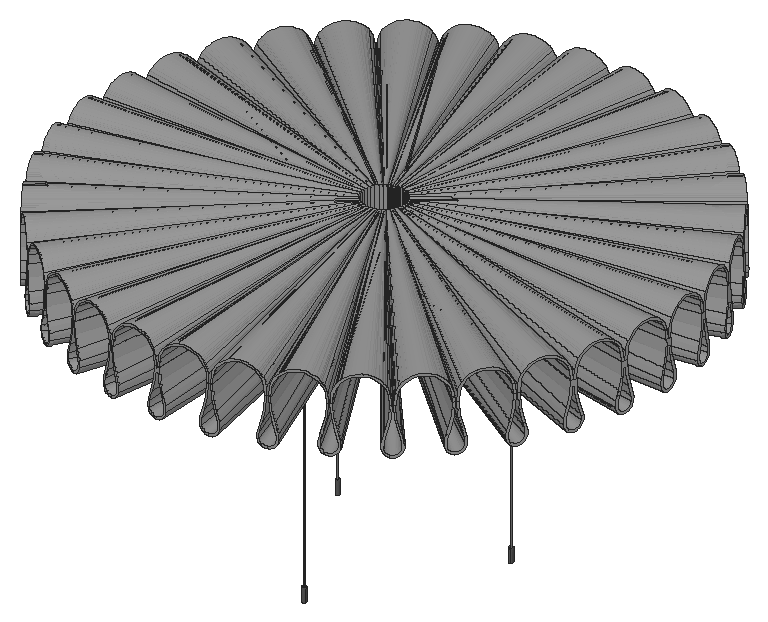
Revit family "Haworth_BuzziPleat_Ripple_AP_PRELIMINARY", category Furniture, host Face, Revit 2018
Family settings
  Host = Face
  Cut with Voids When Loaded = No
  Shared = No
  Room Calculation Point = No
Parameters (values of type "Large")
  Warranty = "https://www.haworth.com/resources/product-info/warranties"
  URL - Product = "https://www.haworth.com/ap/en/products/lighting-lamps/buzzipleat.html"
  URL = "https://www.haworth.com/ap/en.html"
  Trim Finish = Haworth _ Paint _ Collection Black
  Note = "Verify Final Dim. w/ Haworth"  # constant formula
  Model = "Buzzi Pleat"  # constant formula
  Min. Cable Length = 254 mm  # constant formula
  Medium = not(Large)  # no
  Max. Cable Length = 4999.99 mm  # constant formula
  Manufacturer = "Haworth"  # constant formula
  Large = yes
  Fabric Finish [instance] = Haworth _ Fabric _ Undecided _ Screen
  Description = "Haworth - BuzziPleat - Ripple"  # constant formula
  Default Elevation = 0 mm
  Cable Length [instance] = 609.6 mm
  Cable Finish [instance] = Haworth _ Metal _ Polished Aluminum
  Author = "Haworth (Abd Rahman)"  # constant formula
  Assembly Code = "E2020200"
  Actual Width = Actual Depth  # 1500.124 mm
  Actual Height = if(Large, 195.072 mm, 132.334 mm)  # 195.072 mm
  Actual Depth = if(Large, 1500.124 mm, 999.998 mm)  # 1500.124 mm
  Actual Cable Length [instance] = if(Cable Length < Min. Cable Length, Min. Cable Length, if(Cable Length > Max. Cable Length, Max. Cable Length, Cable Length))  # 609.6 mm
Types (3, lengths in mm): name | Medium | Large | Actual Width | Actual Height | Actual Depth
  (no name) | no | yes | 1500.124 | 195.072 | 1500.124
  Large | no | yes | 1500.124 | 195.072 | 1500.124
  Medium | yes | no | 999.998 | 132.334 | 999.998
Reference planes
  plane 1 "Center (Front/Back)": y = 0
  plane 2: z = 0
  plane 3 "Center (Left/Right)": x = 0
  plane 4 "Cable Start": z = 34.8
  plane 5: z = 645.67
  plane 6 "Screen Bottom": z = 644.4
  plane 7 "Back": y = 750.062
  plane 8 "Front": y = -750.062
  plane 9 "Left": x = 750.062
  plane 10 "Right": x = -750.062
Forms (mm)
  Extrusion 1, solid, material "Haworth _ Paint _ Collection Black" <- "Trim Finish", visible <- "Medium"
    sketch origin (0, 0, 0) x (1, 0, 0) y (0, 1, 0)
      loop
        circle (0, -186.341) r 5
    from 0 to 34.8
  Extrusion 2, solid, material "Haworth _ Metal _ Polished Aluminum" <- "Cable Finish", visible <- "Medium"
    sketch origin (0, 0, 0) x (1, 0, 0) y (0, 1, 0)
      loop
        circle (0, -186.334) r 0.896
    from 34.8 to 645.67
  Extrusion 3, solid, material "Haworth _ Paint _ Collection Black" <- "Trim Finish", visible <- "Medium"
    sketch origin (-0.12, -0.207, 0) x (-0.5, 0.866025, 0) y (-0.866025, -0.5, 0)
      loop
        circle (0, -186.341) r 5
    from 0 to 34.8
  Extrusion 4, solid, material "Haworth _ Metal _ Polished Aluminum" <- "Cable Finish", visible <- "Medium"
    sketch origin (-0.12, -0.207, 0) x (-0.5, 0.866025, 0) y (-0.866025, -0.5, 0)
      loop
        circle (0, -186.334) r 0.896
    from 34.8 to 645.67
  Extrusion 5, solid, material "Haworth _ Paint _ Collection Black" <- "Trim Finish", visible <- "Medium"
    sketch origin (0.12, -0.207, 0) x (-0.5, -0.866025, 0) y (0.866025, -0.5, 0)
      loop
        circle (0, -186.341) r 5
    from 0 to 34.8
  Extrusion 6, solid, material "Haworth _ Metal _ Polished Aluminum" <- "Cable Finish", visible <- "Medium"
    sketch origin (0.12, -0.207, 0) x (-0.5, -0.866025, 0) y (0.866025, -0.5, 0)
      loop
        circle (0, -186.334) r 0.896
    from 34.8 to 645.67
  Extrusion 7, solid, material "Haworth _ Paint _ Collection Black" <- "Trim Finish", visible <- "Large"
    sketch origin (0, 0, 0) x (1, 0, 0) y (0, 1, 0)
      loop
        circle (0, -264.309) r 5
    from 0 to 34.8
  Extrusion 8, solid, material "Haworth _ Metal _ Polished Aluminum" <- "Cable Finish", visible <- "Large"
    sketch origin (0, 0, 0) x (1, 0, 0) y (0, 1, 0)
      loop
        circle (0, -264.399) r 1.016
    from 34.8 to 645.67
  Extrusion 9, solid, material "Haworth _ Paint _ Collection Black" <- "Trim Finish", visible <- "Large"
    sketch origin (-0.12, -0.207, 0) x (-0.5, 0.866025, 0) y (-0.866025, -0.5, 0)
      loop
        circle (0, -264.309) r 5
    from 0 to 34.8
  Extrusion 10, solid, material "Haworth _ Metal _ Polished Aluminum" <- "Cable Finish", visible <- "Large"
    sketch origin (-0.12, -0.207, 0) x (-0.5, 0.866025, 0) y (-0.866025, -0.5, 0)
      loop
        circle (0, -264.399) r 1.016
    from 34.8 to 645.67
  Extrusion 11, solid, material "Haworth _ Paint _ Collection Black" <- "Trim Finish", visible <- "Large"
    sketch origin (0.239, 0, 0) x (-0.5, -0.866025, 0) y (0.866025, -0.5, 0)
      loop
        circle (0, -264.309) r 5
    from 0 to 34.8
  Extrusion 12, solid, material "Haworth _ Metal _ Polished Aluminum" <- "Cable Finish", visible <- "Large"
    sketch origin (0.239, 0, 0) x (-0.5, -0.866025, 0) y (0.866025, -0.5, 0)
      loop
        circle (0, -264.399) r 1.016
    from 34.8 to 645.67
Dimensions and locks
  locked: Extrusion 1 sketch curve to plane 1 "Center (Front/Back)" at 186.341
  locked: plane 4 "Cable Start" to plane 2 at 34.8
  locked: plane 5 to plane 6 "Screen Bottom" at 1.27
  "Actual Cable Length": plane 6 "Screen Bottom" to plane 4 "Cable Start"
  locked: Extrusion 2 sketch curve to plane 1 "Center (Front/Back)" at 186.334
  locked: Extrusion 5 sketch curve to plane 3 "Center (Left/Right)" at 161.256
  locked: plane 1 "Center (Front/Back)" to Extrusion 5 sketch curve at 92.963
  locked: Extrusion 6 sketch curve to plane 3 "Center (Left/Right)" at 161.251
  locked: plane 1 "Center (Front/Back)" to Extrusion 6 sketch curve at 92.96
  locked: plane 3 "Center (Left/Right)" to Extrusion 3 sketch curve at 161.256
  locked: plane 1 "Center (Front/Back)" to Extrusion 3 sketch curve at 92.963
  locked: plane 3 "Center (Left/Right)" to Extrusion 4 sketch curve at 161.251
  locked: plane 1 "Center (Front/Back)" to Extrusion 4 sketch curve at 92.96
  equal spacing: plane 10 "Right", plane 3 "Center (Left/Right)", plane 9 "Left"
  "Actual Width": plane 10 "Right" to plane 9 "Left"
  equal spacing: plane 7 "Back", plane 1 "Center (Front/Back)", plane 8 "Front"
  "Actual Depth": plane 7 "Back" to plane 8 "Front"
  locked: Extrusion 7 sketch curve to plane 1 "Center (Front/Back)" at 264.309
  locked: Extrusion 8 sketch curve to plane 1 "Center (Front/Back)" at 264.399
  locked: plane 3 "Center (Left/Right)" to Extrusion 9 sketch curve at 228.779
  locked: plane 1 "Center (Front/Back)" to Extrusion 9 sketch curve at 131.947
  locked: Extrusion 11 sketch curve to plane 3 "Center (Left/Right)" at 228.659
  locked: plane 1 "Center (Front/Back)" to Extrusion 11 sketch curve at 132.154
  aligned and locked: plane 2 to host face
  aligned and locked: level to host face
  aligned and locked: plane 1 "Center (Front/Back)" to nested 1
  aligned and locked: plane 3 "Center (Left/Right)" to nested 1
  aligned and locked: Extrusion 1 to plane 2
  aligned and locked: plane 4 "Cable Start" to Extrusion 1
  aligned and locked: nested 1 to plane 6 "Screen Bottom"
  aligned and locked: Extrusion 2 to plane 4 "Cable Start"
  aligned and locked: plane 5 to Extrusion 2
  aligned and locked: Extrusion 5 to plane 2
  aligned and locked: plane 4 "Cable Start" to Extrusion 5
  aligned and locked: Extrusion 6 to plane 4 "Cable Start"
  aligned and locked: Extrusion 1 to plane 4 "Cable Start"  (x2)
  aligned and locked: plane 4 "Cable Start" to Extrusion 2
  aligned and locked: plane 2 to Extrusion 1
  aligned and locked: plane 4 "Cable Start" to Extrusion 3
  aligned and locked: Extrusion 4 to plane 4 "Cable Start"
  aligned and locked: Extrusion 3 to plane 2
  aligned and locked: plane 5 to Extrusion 4
  aligned and locked: plane 5 to Extrusion 6
  aligned and locked: plane 3 "Center (Left/Right)" to Extrusion 7 sketch curve
  aligned and locked: Extrusion 7 to plane 2
  aligned and locked: plane 4 "Cable Start" to Extrusion 7
  aligned and locked: plane 3 "Center (Left/Right)" to Extrusion 8 sketch curve
  aligned and locked: Extrusion 8 to plane 4 "Cable Start"
  aligned and locked: plane 5 to Extrusion 8
  aligned and locked: plane 4 "Cable Start" to Extrusion 9
  aligned and locked: Extrusion 10 to plane 4 "Cable Start"
  aligned and locked: Extrusion 9 to plane 2
  aligned and locked: plane 5 to Extrusion 10
  aligned and locked: plane 5 to Extrusion 12
  aligned and locked: plane 4 "Cable Start" to Extrusion 11
  aligned and locked: Extrusion 12 to plane 4 "Cable Start"
  aligned and locked: Extrusion 11 to plane 2
  aligned and locked: nested 2 to plane 6 "Screen Bottom"
  aligned and locked: plane 3 "Center (Left/Right)" to nested 2
  aligned and locked: plane 1 "Center (Front/Back)" to nested 2
Automatic sketch dimensions
  host sketch curve to host sketch curve = 1500.124 mm  (x2)
  Extrusion 1 sketch curve to plane 3 "Center (Left/Right)" = 0 mm
  Extrusion 2 sketch curve to plane 3 "Center (Left/Right)" = 0 mm
  Extrusion 10 sketch curve to plane 1 "Center (Front/Back)" = 131.992 mm
  plane 3 "Center (Left/Right)" to Extrusion 10 sketch curve = 228.856 mm
  Extrusion 12 sketch curve to plane 1 "Center (Front/Back)" = 132.199 mm
  Extrusion 12 sketch curve to plane 3 "Center (Left/Right)" = 228.737 mm
  radius of Extrusion 1 sketch curve = 5 mm
  radius of Extrusion 2 sketch curve = 0.896 mm
  radius of Extrusion 3 sketch curve = 5 mm
  radius of Extrusion 4 sketch curve = 0.896 mm
  radius of Extrusion 5 sketch curve = 5 mm
  radius of Extrusion 6 sketch curve = 0.896 mm
  radius of Extrusion 7 sketch curve = 5 mm
  radius of Extrusion 8 sketch curve = 1.016 mm
  radius of Extrusion 9 sketch curve = 5 mm
  radius of Extrusion 10 sketch curve = 1.016 mm
  radius of Extrusion 11 sketch curve = 5 mm
  radius of Extrusion 12 sketch curve = 1.016 mm
Nested families
  nested 1: "Haworth_BuzziPleat_Ripple_Medium_PART" at (0, 0, 644.4), visible <- "Medium", type "Screen"
  nested 2: "Haworth_BuzziPleat_Ripple_Large_PART" at (0, 0, 644.4), visible <- "Large", type "Screen"
Definition of nested family "Haworth_BuzziPleat_Ripple_Medium_PART"
  Parameters (values of type "Screen")
    Warranty = "https://www.haworth.com/resources/product-info/warranties"
    URL - Product = "https://www.haworth.com/products/architectural-interiors/acoustic-solutions/buzzipleat"
    URL = "https://www.haworth.com/our-brands/haworth-collection"
    Trim Finish = none
    Revision = "1"  # constant formula
    Note = "Verify Final Dim. w/ Haworth"  # constant formula
    Model = "HCBZ-PESS"  # constant formula
    Manufacturer = "Haworth"  # constant formula
    Fabric Finish = none
    Description = "Haworth - BuzziPleat - Medium Ripple Part"  # constant formula
    Author = "Haworth (Alias)"  # constant formula
    Assembly Code = "E2020200"
    Actual Width = 999.998 mm  # constant formula
    Actual Height = 132.334 mm  # constant formula
    Actual Depth = 999.998 mm  # constant formula
  Reference planes
    plane 1 "Center (Front/Back)": y = 0
    plane 2: z = 0
    plane 3 "Center (Left/Right)": x = 0
    plane 4: z = 132.334
    plane 5 "Side Blend": through (-53.081, -795.428, 1200) normal (-0.0872, 0.9962, 0)
    plane 6 "Back": y = 499.999
    plane 7 "Front": y = -499.999
    plane 8 "Right": x = 499.999
    plane 9 "Left": x = -499.999
  Forms (mm)
    Revolve 1, solid, material <- "Trim Finish"
      sketch origin (0, 0, 0) x (0, 1, 0) y (0, 0, 1)
        loop
          circle (-85, 3.811) r 5
        loop
          circle (-184.997, 3.735) r 5
        axis (0, 3.735) -> (0, 4.735)
      angle from 0 to 360
  Lines and regions (mm)
    Masking region 1
      outline origin (0, 0, 0) x (1, 0, 0) y (0, 1, 0)
        loop
          circle (0, 0) r 499.999
    symbolic lines, detail levels medium+fine
      curve 1: circle (0, 0, 0) r 52.451 normal (0, 0, 1)
  Dimensions and locks
    equal spacing: plane 7 "Front", plane 1 "Center (Front/Back)", plane 6 "Back"
    "Actual Depth": plane 6 "Back" to plane 7 "Front"
    equal spacing: plane 9 "Left", plane 3 "Center (Left/Right)", plane 8 "Right"
    "Actual Width": plane 9 "Left" to plane 8 "Right"
    "Actual Height": plane 4 to plane 2
    aligned and locked: level to plane 2
    aligned and locked: Revolve 1 sketch curve to plane 1 "Center (Front/Back)"
    aligned and locked: plane 1 "Center (Front/Back)" to Masking region 1 sketch curve
    aligned and locked: plane 3 "Center (Left/Right)" to Masking region 1 sketch curve
    aligned and locked: plane 1 "Center (Front/Back)" to nested 2
    aligned and locked: plane 1 "Center (Front/Back)" to nested 1
    aligned and locked: plane 3 "Center (Left/Right)" to nested 1
    aligned and locked: plane 3 "Center (Left/Right)" to nested 2
  Automatic sketch dimensions
    plane 1 "Center (Front/Back)" to curve 1 = 0 mm
    curve 1 to plane 3 "Center (Left/Right)" = 0 mm
    level to Revolve 1 sketch curve = 3.735 mm
    level to Revolve 1 sketch curve = 3.811 mm
    Revolve 1 sketch curve to level = 101.6 mm
    plane 4 to Revolve 1 sketch curve = 27.178 mm
    plane 1 "Center (Front/Back)" to Revolve 1 sketch curve = 85 mm
    Revolve 1 sketch curve to Revolve 1 sketch curve = 99.997 mm
    radius of Masking region 1 sketch curve = 499.999 mm
    radius of curve 1 = 52.451 mm
    radius of Revolve 1 sketch curve = 5 mm  (x2)
  Nested families
    nested 1: "Haworth_BuzziPleat_Ripple_MediumTop_PART" at (0, 0, 0), type "Screen"
    nested 2: "Haworth_BuzziPleat_Ripple_MediumBottom_PART" at (0, 0, 0), type "Screen"
    nested 3: "Haworth_BuzziPleat_Ripple_MediumTop_PART" at (-0.027, -0.002, 0) x (0.9848, 0.1736, 0) z (0, 0, 1), type "Screen"
    nested 4: "Haworth_BuzziPleat_Ripple_MediumTop_PART" at (-0.053, -0.009, 0) x (0.9397, 0.342, 0) z (0, 0, 1), type "Screen"
    nested 5: "Haworth_BuzziPleat_Ripple_MediumTop_PART" at (-0.078, -0.021, 0) x (0.866, 0.5, 0) z (0, 0, 1), type "Screen"
    nested 6: "Haworth_BuzziPleat_Ripple_MediumTop_PART" at (-0.101, -0.037, 0) x (0.766, 0.6428, 0) z (0, 0, 1), type "Screen"
    nested 7: "Haworth_BuzziPleat_Ripple_MediumTop_PART" at (-0.12, -0.056, 0) x (0.6428, 0.766, 0) z (0, 0, 1), type "Screen"
    nested 8: "Haworth_BuzziPleat_Ripple_MediumTop_PART" at (-0.135, -0.078, 0) x (0.5, 0.866, 0) z (0, 0, 1), type "Screen"
    nested 9: "Haworth_BuzziPleat_Ripple_MediumTop_PART" at (-0.147, -0.103, 0) x (0.342, 0.9397, 0) z (0, 0, 1), type "Screen"
    nested 10: "Haworth_BuzziPleat_Ripple_MediumTop_PART" at (-0.154, -0.129, 0) x (0.1736, 0.9848, 0) z (0, 0, 1), type "Screen"
    nested 11: "Haworth_BuzziPleat_Ripple_MediumTop_PART" at (-0.156, -0.156, 0) x (0, 1, 0) z (0, 0, 1), type "Screen"
    nested 12: "Haworth_BuzziPleat_Ripple_MediumTop_PART" at (-0.154, -0.184, 0) x (-0.1736, 0.9848, 0) z (0, 0, 1), type "Screen"
    nested 13: "Haworth_BuzziPleat_Ripple_MediumTop_PART" at (-0.147, -0.21, 0) x (-0.342, 0.9397, 0) z (0, 0, 1), type "Screen"
    nested 14: "Haworth_BuzziPleat_Ripple_MediumTop_PART" at (-0.135, -0.235, 0) x (-0.5, 0.866, 0) z (0, 0, 1), type "Screen"
    nested 15: "Haworth_BuzziPleat_Ripple_MediumTop_PART" at (-0.12, -0.257, 0) x (-0.6428, 0.766, 0) z (0, 0, 1), type "Screen"
    nested 16: "Haworth_BuzziPleat_Ripple_MediumTop_PART" at (-0.101, -0.276, 0) x (-0.766, 0.6428, 0) z (0, 0, 1), type "Screen"
    nested 17: "Haworth_BuzziPleat_Ripple_MediumTop_PART" at (-0.078, -0.292, 0) x (-0.866, 0.5, 0) z (0, 0, 1), type "Screen"
    nested 18: "Haworth_BuzziPleat_Ripple_MediumTop_PART" at (-0.053, -0.303, 0) x (-0.9397, 0.342, 0) z (0, 0, 1), type "Screen"
    nested 19: "Haworth_BuzziPleat_Ripple_MediumTop_PART" at (-0.027, -0.31, 0) x (-0.9848, 0.1736, 0) z (0, 0, 1), type "Screen"
    nested 20: "Haworth_BuzziPleat_Ripple_MediumTop_PART" at (0, -0.313, 0) x (-1, 0, 0) z (0, 0, 1), type "Screen"
    nested 21: "Haworth_BuzziPleat_Ripple_MediumTop_PART" at (0.027, -0.31, 0) x (-0.9848, -0.1736, 0) z (0, 0, 1), type "Screen"
    nested 22: "Haworth_BuzziPleat_Ripple_MediumTop_PART" at (0.053, -0.303, 0) x (-0.9397, -0.342, 0) z (0, 0, 1), type "Screen"
    nested 23: "Haworth_BuzziPleat_Ripple_MediumTop_PART" at (0.078, -0.292, 0) x (-0.866, -0.5, 0) z (0, 0, 1), type "Screen"
    nested 24: "Haworth_BuzziPleat_Ripple_MediumTop_PART" at (0.101, -0.276, 0) x (-0.766, -0.6428, 0) z (0, 0, 1), type "Screen"
    nested 25: "Haworth_BuzziPleat_Ripple_MediumTop_PART" at (0.12, -0.257, 0) x (-0.6428, -0.766, 0) z (0, 0, 1), type "Screen"
    nested 26: "Haworth_BuzziPleat_Ripple_MediumTop_PART" at (0.135, -0.235, 0) x (-0.5, -0.866, 0) z (0, 0, 1), type "Screen"
    nested 27: "Haworth_BuzziPleat_Ripple_MediumTop_PART" at (0.147, -0.21, 0) x (-0.342, -0.9397, 0) z (0, 0, 1), type "Screen"
    nested 28: "Haworth_BuzziPleat_Ripple_MediumTop_PART" at (0.154, -0.184, 0) x (-0.1736, -0.9848, 0) z (0, 0, 1), type "Screen"
    nested 29: "Haworth_BuzziPleat_Ripple_MediumTop_PART" at (0.156, -0.156, 0) x (0, -1, 0) z (0, 0, 1), type "Screen"
    nested 30: "Haworth_BuzziPleat_Ripple_MediumTop_PART" at (0.154, -0.129, 0) x (0.1736, -0.9848, 0) z (0, 0, 1), type "Screen"
    nested 31: "Haworth_BuzziPleat_Ripple_MediumTop_PART" at (0.147, -0.103, 0) x (0.342, -0.9397, 0) z (0, 0, 1), type "Screen"
    nested 32: "Haworth_BuzziPleat_Ripple_MediumTop_PART" at (0.135, -0.078, 0) x (0.5, -0.866, 0) z (0, 0, 1), type "Screen"
    nested 33: "Haworth_BuzziPleat_Ripple_MediumTop_PART" at (0.12, -0.056, 0) x (0.6428, -0.766, 0) z (0, 0, 1), type "Screen"
    nested 34: "Haworth_BuzziPleat_Ripple_MediumTop_PART" at (0.101, -0.037, 0) x (0.766, -0.6428, 0) z (0, 0, 1), type "Screen"
    nested 35: "Haworth_BuzziPleat_Ripple_MediumTop_PART" at (0.078, -0.021, 0) x (0.866, -0.5, 0) z (0, 0, 1), type "Screen"
    nested 36: "Haworth_BuzziPleat_Ripple_MediumTop_PART" at (0.053, -0.009, 0) x (0.9397, -0.342, 0) z (0, 0, 1), type "Screen"
    nested 37: "Haworth_BuzziPleat_Ripple_MediumTop_PART" at (0.027, -0.002, 0) x (0.9848, -0.1736, 0) z (0, 0, 1), type "Screen"
    nested 38: "Haworth_BuzziPleat_Ripple_MediumBottom_PART" at (0, 0, 0) x (0.9848, 0.1736, 0) z (0, 0, 1), type "Screen"
    nested 39: "Haworth_BuzziPleat_Ripple_MediumBottom_PART" at (0, 0, 0) x (0.9397, 0.342, 0) z (0, 0, 1), type "Screen"
    nested 40: "Haworth_BuzziPleat_Ripple_MediumBottom_PART" at (0, 0, 0) x (0.866, 0.5, 0) z (0, 0, 1), type "Screen"
    nested 41: "Haworth_BuzziPleat_Ripple_MediumBottom_PART" at (0, 0, 0) x (0.766, 0.6428, 0) z (0, 0, 1), type "Screen"
    nested 42: "Haworth_BuzziPleat_Ripple_MediumBottom_PART" at (0, 0, 0) x (0.6428, 0.766, 0) z (0, 0, 1), type "Screen"
    nested 43: "Haworth_BuzziPleat_Ripple_MediumBottom_PART" at (0, 0, 0) x (0.5, 0.866, 0) z (0, 0, 1), type "Screen"
    nested 44: "Haworth_BuzziPleat_Ripple_MediumBottom_PART" at (0, 0, 0) x (0.342, 0.9397, 0) z (0, 0, 1), type "Screen"
    nested 45: "Haworth_BuzziPleat_Ripple_MediumBottom_PART" at (0, 0, 0) x (0.1736, 0.9848, 0) z (0, 0, 1), type "Screen"
    nested 46: "Haworth_BuzziPleat_Ripple_MediumBottom_PART" at (0, 0, 0) x (0, 1, 0) z (0, 0, 1), type "Screen"
    nested 47: "Haworth_BuzziPleat_Ripple_MediumBottom_PART" at (0, 0, 0) x (-0.1736, 0.9848, 0) z (0, 0, 1), type "Screen"
    nested 48: "Haworth_BuzziPleat_Ripple_MediumBottom_PART" at (0, 0, 0) x (-0.342, 0.9397, 0) z (0, 0, 1), type "Screen"
    nested 49: "Haworth_BuzziPleat_Ripple_MediumBottom_PART" at (0, 0, 0) x (-0.5, 0.866, 0) z (0, 0, 1), type "Screen"
    nested 50: "Haworth_BuzziPleat_Ripple_MediumBottom_PART" at (0, 0, 0) x (-0.6428, 0.766, 0) z (0, 0, 1), type "Screen"
    nested 51: "Haworth_BuzziPleat_Ripple_MediumBottom_PART" at (0, 0, 0) x (-0.766, 0.6428, 0) z (0, 0, 1), type "Screen"
    nested 52: "Haworth_BuzziPleat_Ripple_MediumBottom_PART" at (0, 0, 0) x (-0.866, 0.5, 0) z (0, 0, 1), type "Screen"
    nested 53: "Haworth_BuzziPleat_Ripple_MediumBottom_PART" at (0, 0, 0) x (-0.9397, 0.342, 0) z (0, 0, 1), type "Screen"
    nested 54: "Haworth_BuzziPleat_Ripple_MediumBottom_PART" at (0, 0, 0) x (-0.9848, 0.1736, 0) z (0, 0, 1), type "Screen"
    nested 55: "Haworth_BuzziPleat_Ripple_MediumBottom_PART" at (0, 0, 0) x (-1, 0, 0) z (0, 0, 1), type "Screen"
    nested 56: "Haworth_BuzziPleat_Ripple_MediumBottom_PART" at (0, 0, 0) x (-0.9848, -0.1736, 0) z (0, 0, 1), type "Screen"
    nested 57: "Haworth_BuzziPleat_Ripple_MediumBottom_PART" at (0, 0, 0) x (-0.9397, -0.342, 0) z (0, 0, 1), type "Screen"
    nested 58: "Haworth_BuzziPleat_Ripple_MediumBottom_PART" at (0, 0, 0) x (-0.866, -0.5, 0) z (0, 0, 1), type "Screen"
    nested 59: "Haworth_BuzziPleat_Ripple_MediumBottom_PART" at (0, 0, 0) x (-0.766, -0.6428, 0) z (0, 0, 1), type "Screen"
    nested 60: "Haworth_BuzziPleat_Ripple_MediumBottom_PART" at (0, 0, 0) x (-0.6428, -0.766, 0) z (0, 0, 1), type "Screen"
    nested 61: "Haworth_BuzziPleat_Ripple_MediumBottom_PART" at (0, 0, 0) x (-0.5, -0.866, 0) z (0, 0, 1), type "Screen"
    nested 62: "Haworth_BuzziPleat_Ripple_MediumBottom_PART" at (0, 0, 0) x (-0.342, -0.9397, 0) z (0, 0, 1), type "Screen"
    nested 63: "Haworth_BuzziPleat_Ripple_MediumBottom_PART" at (0, 0, 0) x (-0.1736, -0.9848, 0) z (0, 0, 1), type "Screen"
    nested 64: "Haworth_BuzziPleat_Ripple_MediumBottom_PART" at (0, 0, 0) x (0, -1, 0) z (0, 0, 1), type "Screen"
    nested 65: "Haworth_BuzziPleat_Ripple_MediumBottom_PART" at (0, 0, 0) x (0.1736, -0.9848, 0) z (0, 0, 1), type "Screen"
    nested 66: "Haworth_BuzziPleat_Ripple_MediumBottom_PART" at (0, 0, 0) x (0.342, -0.9397, 0) z (0, 0, 1), type "Screen"
    nested 67: "Haworth_BuzziPleat_Ripple_MediumBottom_PART" at (0, 0, 0) x (0.5, -0.866, 0) z (0, 0, 1), type "Screen"
    nested 68: "Haworth_BuzziPleat_Ripple_MediumBottom_PART" at (0, 0, 0) x (0.6428, -0.766, 0) z (0, 0, 1), type "Screen"
    nested 69: "Haworth_BuzziPleat_Ripple_MediumBottom_PART" at (0, 0, 0) x (0.766, -0.6428, 0) z (0, 0, 1), type "Screen"
    nested 70: "Haworth_BuzziPleat_Ripple_MediumBottom_PART" at (0, 0, 0) x (0.866, -0.5, 0) z (0, 0, 1), type "Screen"
    nested 71: "Haworth_BuzziPleat_Ripple_MediumBottom_PART" at (0, 0, 0) x (0.9397, -0.342, 0) z (0, 0, 1), type "Screen"
    nested 72: "Haworth_BuzziPleat_Ripple_MediumBottom_PART" at (0, 0, 0) x (0.9848, -0.1736, 0) z (0, 0, 1), type "Screen"
  Definition of nested family "Haworth_BuzziPleat_Ripple_MediumTop_PART"
    Parameters (values of type "Screen")
      Warranty = "https://www.haworth.com/resources/product-info/warranties"
      URL - Product = "https://www.haworth.com/products/architectural-interiors/acoustic-solutions/buzzipleat"
      URL = "https://www.haworth.com/our-brands/haworth-collection"
      Revision = "1"  # constant formula
      Note = "Verify Final Dim. w/ Haworth"  # constant formula
      Model = "HCBZ-PESS"  # constant formula
      Manufacturer = "Haworth"  # constant formula
      Fabric Finish = none
      Description = "Haworth - BuzziPleat - Medium Ripple Part1"  # constant formula
      Author = "Haworth (Alias)"  # constant formula
      Assembly Code = "E2020200"
      Actual Width = 999.998 mm  # constant formula
      Actual Height = 132.334 mm  # constant formula
      Actual Depth = 999.998 mm  # constant formula
    Reference planes
      plane 1 "Center (Front/Back)": y = 0
      plane 2: z = 0
      plane 3 "Center (Left/Right)": x = 0
      plane 4 "Side Blend": through (-53.081, -795.428, 1200) normal (-0.0872, 0.9962, 0)
      plane 5 "Back": y = 499.999
      plane 6 "Front": y = -499.999
      plane 7 "Right": x = 499.999
      plane 8 "Left": x = -499.999
      plane 9: z = 132.334
    Forms (mm)
      Blend 1, solid, material <- "Fabric Finish"
        base sketch origin (68.659, -784.777, 0) x (-0.996195, -0.087156, 0) y (0, 0, 1)
          loop
            arc (37.91, 91.11) -> (38.152, 83.759) -> (38.038, 76.405) r 152.4
            line (38.038, 76.405) -> (43.122, 76.405)
            arc (43.122, 76.405) -> (43.231, 83.904) -> (42.982, 91.399) r 157.48
            arc (42.982, 91.399) -> (-0.336, 132.318) -> (-43.654, 91.399) r 43.388
            arc (-43.654, 91.399) -> (-43.902, 83.904) -> (-43.794, 76.405) r 157.48
            line (-43.794, 76.405) -> (-38.71, 76.405)
            arc (-38.71, 76.405) -> (-38.823, 83.759) -> (-38.582, 91.11) r 152.4
            arc (-38.582, 91.11) -> (-0.336, 127.238) -> (37.91, 91.11) r 38.308
        top sketch origin (68.659, -784.777, 0) x (-0.996195, -0.087156, 0) y (0, 0, 1)
          loop
            line (4.335, 76.416) -> (4.335, 126.994)
            arc (4.335, 126.994) -> (-0.999, 132.328) -> (-6.333, 126.994) r 5.334
            line (-6.333, 126.994) -> (-6.333, 76.416) -> (-1.253, 76.416) -> (-1.253, 126.994)
            arc (-1.253, 126.994) -> (-0.999, 127.248) -> (-0.745, 126.994) r 0.254
            line (-0.745, 126.994) -> (-0.745, 76.416) -> (4.335, 76.416)
        from 289.334 to 735.632
    Dimensions and locks
      equal spacing: plane 6 "Front", plane 1 "Center (Front/Back)", plane 5 "Back"
      "Actual Depth": plane 5 "Back" to plane 6 "Front"
      equal spacing: plane 8 "Left", plane 3 "Center (Left/Right)", plane 7 "Right"
      "Actual Width": plane 8 "Left" to plane 7 "Right"
      "Actual Height": plane 9 to plane 2
      aligned and locked: level to plane 2
    Automatic sketch dimensions
      Blend 1 sketch curve to Blend 1 sketch curve = 5.211 mm
      Blend 1 sketch curve to Blend 1 sketch curve = 0 mm  (x16)
      Blend 1 sketch curve to Blend 1 sketch curve = 75.533 mm
      Blend 1 sketch curve to Blend 1 sketch curve = 5.084 mm  (x2)
      Blend 1 sketch curve to Blend 1 sketch curve = 5.072 mm  (x2)
      Blend 1 sketch curve to Blend 1 sketch curve = 0.289 mm
      level to Blend 1 sketch curve = 82.438 mm
      Blend 1 sketch curve to Blend 1 sketch curve = 70.449 mm
      Blend 1 sketch curve to Blend 1 sketch curve = 38.374 mm  (x2)
      Blend 1 sketch curve to Blend 1 sketch curve = 50.578 mm
      Blend 1 sketch curve to Blend 1 sketch curve = 0.254 mm
      Blend 1 sketch curve to Blend 1 sketch curve = 5.08 mm
      level to Blend 1 sketch curve = 126.994 mm
  Definition of nested family "Haworth_BuzziPleat_Ripple_MediumBottom_PART"
    Parameters (values of type "Screen")
      Warranty = "https://www.haworth.com/resources/product-info/warranties"
      URL - Product = "https://www.haworth.com/products/architectural-interiors/acoustic-solutions/buzzipleat"
      URL = "https://www.haworth.com/our-brands/haworth-collection"
      Revision = "1"  # constant formula
      Note = "Verify Final Dim. w/ Haworth"  # constant formula
      Model = "HCBZ-PESS"  # constant formula
      Manufacturer = "Haworth"  # constant formula
      Fabric Finish = none
      Description = "Haworth - BuzziPleat - Medium Ripple Part1"  # constant formula
      Author = "Haworth (Alias)"  # constant formula
      Assembly Code = "E2020200"
      Actual Width = 999.998 mm  # constant formula
      Actual Height = 132.334 mm  # constant formula
      Actual Depth = 999.998 mm  # constant formula
    Reference planes
      plane 1 "Center (Front/Back)": y = 0
      plane 2: z = 0
      plane 3 "Center (Left/Right)": x = 0
      plane 4 "Side Blend": through (-53.081, -795.428, 1200) normal (-0.0872, 0.9962, 0)
      plane 5 "Back": y = 499.999
      plane 6 "Front": y = -499.999
      plane 7 "Right": x = 499.999
      plane 8 "Left": x = -499.999
      plane 9: z = 132.334
    Forms (mm)
      Blend 1, solid, material <- "Fabric Finish"
        base sketch origin (0, 0, 0) x (1, 0, 0) y (0, 0, 1)
          loop
            line (1.547, 61.588) -> (9.241, 21.049)
            arc (9.241, 21.049) -> (9.663, 17.391) -> (9.552, 13.709) r 25.4
            arc (9.552, 13.709) -> (0, 5.091) -> (-9.552, 13.709) r 9.603
            arc (-9.552, 13.709) -> (-9.663, 17.391) -> (-9.241, 21.049) r 25.4
            line (-9.241, 21.049) -> (-1.547, 61.588)
            arc (-1.547, 61.588) -> (-0.584, 68.971) -> (-0.481, 76.416) r 64.336
            line (-0.481, 76.416) -> (-5.566, 76.416)
            arc (-5.566, 76.416) -> (-5.643, 69.447) -> (-6.538, 62.535) r 59.256
            line (-6.538, 62.535) -> (-14.232, 21.997)
            arc (-14.232, 21.997) -> (-14.739, 17.606) -> (-14.606, 13.188) r 30.48
            arc (-14.606, 13.188) -> (0, 0.011) -> (14.606, 13.188) r 14.683
            arc (14.606, 13.188) -> (14.739, 17.606) -> (14.232, 21.997) r 30.48
            line (14.232, 21.997) -> (6.538, 62.535)
            arc (6.538, 62.535) -> (5.643, 69.447) -> (5.566, 76.416) r 59.256
            line (5.566, 76.416) -> (0.481, 76.416)
            arc (0.481, 76.416) -> (0.584, 68.971) -> (1.547, 61.588) r 64.336
        top sketch origin (0, 0, 0) x (1, 0, 0) y (0, 0, 1)
          loop
            line (-0.254, 5.388) -> (-0.254, 32.683) -> (-0.254, 59.981) -> (-0.254, 76.416) -> (-5.334, 76.416) -> (-5.334, 59.981) -> (-5.334, 32.683) -> (-5.334, 5.385)
            arc (-5.334, 5.385) -> (0, 0.051) -> (5.334, 5.385) r 5.334
            line (5.334, 5.385) -> (5.334, 32.683) -> (5.334, 59.981) -> (5.334, 76.416) -> (0.254, 76.416) -> (0.254, 59.981) -> (0.254, 32.683) -> (0.254, 5.388)
            arc (0.254, 5.388) -> (0, 5.134) -> (-0.254, 5.388) r 0.254
        from 499.999 to 52.418
    Dimensions and locks
      equal spacing: plane 6 "Front", plane 1 "Center (Front/Back)", plane 5 "Back"
      "Actual Depth": plane 5 "Back" to plane 6 "Front"
      equal spacing: plane 8 "Left", plane 3 "Center (Left/Right)", plane 7 "Right"
      "Actual Width": plane 8 "Left" to plane 7 "Right"
      "Actual Height": plane 9 to plane 2
      aligned and locked: level to plane 2
    Automatic sketch dimensions
      Blend 1 sketch curve to Blend 1 sketch curve = 0 mm  (x20)
      Blend 1 sketch curve to plane 3 "Center (Left/Right)" = 0 mm  (x3)
      Blend 1 sketch curve to plane 3 "Center (Left/Right)" = 1.547 mm
      Blend 1 sketch curve to Blend 1 sketch curve = 4.991 mm  (x4)
      Blend 1 sketch curve to plane 3 "Center (Left/Right)" = 9.241 mm
      Blend 1 sketch curve to Blend 1 sketch curve = 1.482 mm  (x2)
      Blend 1 sketch curve to Blend 1 sketch curve = 58.217 mm  (x2)
      plane 3 "Center (Left/Right)" to Blend 1 sketch curve = 0.481 mm
      plane 3 "Center (Left/Right)" to Blend 1 sketch curve = 1.547 mm
      Blend 1 sketch curve to Blend 1 sketch curve = 5.085 mm
      plane 3 "Center (Left/Right)" to Blend 1 sketch curve = 9.241 mm
      level to Blend 1 sketch curve = 14.694 mm
      Blend 1 sketch curve to Blend 1 sketch curve = 1.62 mm  (x2)
      Blend 1 sketch curve to Blend 1 sketch curve = 4.736 mm  (x2)
      Blend 1 sketch curve to Blend 1 sketch curve = 0.947 mm  (x4)
      Blend 1 sketch curve to Blend 1 sketch curve = 40.539 mm
      Blend 1 sketch curve to Blend 1 sketch curve = 11.049 mm
      Blend 1 sketch curve to plane 3 "Center (Left/Right)" = 0.481 mm
      Blend 1 sketch curve to plane 3 "Center (Left/Right)" = 0.254 mm
      level to Blend 1 sketch curve = 5.385 mm
      Blend 1 sketch curve to Blend 1 sketch curve = 0.003 mm
      Blend 1 sketch curve to Blend 1 sketch curve = 27.298 mm  (x2)
      Blend 1 sketch curve to Blend 1 sketch curve = 5.08 mm
      Blend 1 sketch curve to Blend 1 sketch curve = 16.435 mm
Definition of nested family "Haworth_BuzziPleat_Ripple_Large_PART"
  Parameters (values of type "Screen")
    Warranty = "https://www.haworth.com/resources/product-info/warranties"
    URL - Product = "https://www.haworth.com/products/architectural-interiors/acoustic-solutions/buzzipleat"
    URL = "https://www.haworth.com/our-brands/haworth-collection"
    Trim Finish = none
    Revision = "1"  # constant formula
    Note = "Verify Final Dim. w/ Haworth"  # constant formula
    Model = "HCBZ-PESS"  # constant formula
    Manufacturer = "Haworth"  # constant formula
    Fabric Finish = none
    Description = "Haworth - BuzziPleat - Large Ripple Part"  # constant formula
    Author = "Haworth (Alias)"  # constant formula
    Assembly Code = "E2020200"
    Actual Width = 1500.124 mm  # constant formula
    Actual Height = 195.072 mm  # constant formula
    Actual Depth = 1500.124 mm  # constant formula
  Reference planes
    plane 1 "Center (Front/Back)": y = 0
    plane 2: z = 0
    plane 3 "Center (Left/Right)": x = 0
    plane 4 "Front": y = -750.062
    plane 5 "Back": y = 750.062
    plane 6 "Left": x = 750.062
    plane 7 "Right": x = -750.062
    plane 8: z = 195.072
  Forms (mm)
    Revolve 1, solid, material <- "Trim Finish"
      sketch origin (0, 0, 0) x (0, 1, 0) y (0, 0, 1)
        loop
          circle (-260.974, 5) r 5
        loop
          circle (-83.709, 5) r 5
        axis (0, 5) -> (0, 6)
      angle from 0 to 360
    Extrusion 2, solid, material <- "Trim Finish"
      sketch origin (0, 0, 0) x (1, 0, 0) y (0, 0, 1)
        loop
          circle (0, 5) r 4.699
      from 84.708 to 261.259
    Extrusion 3, solid, material <- "Trim Finish"
      sketch origin (0, 0, 0) x (-0.5, 0.866025, 0) y (0, 0, 1)
        loop
          circle (0, 5) r 4.699
      from 84.708 to 261.259
    Extrusion 4, solid, material <- "Trim Finish"
      sketch origin (0, 0, 0) x (-0.5, -0.866025, 0) y (0, 0, 1)
        loop
          circle (0, 5) r 4.699
      from 84.708 to 261.259
  Lines and regions (mm)
    Masking region 1
      outline origin (0, 0, 0) x (1, 0, 0) y (0, 1, 0)
        loop
          circle (0, 0) r 749.3
    symbolic lines, detail levels medium+fine
      curve 1: circle (0, 0, 0) r 52.451 normal (0, 0, 1)
  Dimensions and locks
    equal spacing: plane 5 "Back", plane 1 "Center (Front/Back)", plane 4 "Front"
    "Actual Depth": plane 5 "Back" to plane 4 "Front"
    equal spacing: plane 7 "Right", plane 3 "Center (Left/Right)", plane 6 "Left"
    "Actual Width": plane 7 "Right" to plane 6 "Left"
    "Actual Height": plane 8 to plane 2
    aligned and locked: level to plane 2
    aligned and locked: Revolve 1 sketch curve to plane 1 "Center (Front/Back)"
    aligned and locked: plane 1 "Center (Front/Back)" to Masking region 1 sketch curve
    aligned and locked: plane 3 "Center (Left/Right)" to Masking region 1 sketch curve
    aligned and locked: plane 3 "Center (Left/Right)" to nested 1
    aligned and locked: plane 1 "Center (Front/Back)" to nested 1
    aligned and locked: plane 1 "Center (Front/Back)" to nested 2
    aligned and locked: plane 3 "Center (Left/Right)" to nested 2
  Automatic sketch dimensions
    level to Revolve 1 sketch curve = 5 mm  (x2)
    plane 1 "Center (Front/Back)" to Revolve 1 sketch curve = 83.709 mm
    Revolve 1 sketch curve to Revolve 1 sketch curve = 177.265 mm
    Revolve 1 sketch curve to level = 101.6 mm
    plane 8 to Revolve 1 sketch curve = 27.178 mm
    plane 1 "Center (Front/Back)" to curve 1 = 0 mm
    curve 1 to plane 3 "Center (Left/Right)" = 0 mm
    radius of Revolve 1 sketch curve = 5 mm  (x2)
    radius of Extrusion 2 sketch curve = 4.699 mm
    radius of Extrusion 3 sketch curve = 4.699 mm
    radius of Extrusion 4 sketch curve = 4.699 mm
    radius of Masking region 1 sketch curve = 749.3 mm
    radius of curve 1 = 52.451 mm
  Nested families
    nested 1: "Haworth_BuzziPleat_Ripple_LargeTop_PART" at (0, 0, 0), type "Screen"
    nested 2: "Haworth_BuzziPleat_Ripple_LargeBottom_PART" at (0, 0, 0), type "Screen"
    nested 3: "Haworth_BuzziPleat_Ripple_LargeBottom_PART" at (0, 0, 0) x (0.9848, 0.1736, 0) z (0, 0, 1), type "Screen"
    nested 4: "Haworth_BuzziPleat_Ripple_LargeBottom_PART" at (0, 0, 0) x (0.9397, 0.342, 0) z (0, 0, 1), type "Screen"
    nested 5: "Haworth_BuzziPleat_Ripple_LargeBottom_PART" at (0, 0, 0) x (0.866, 0.5, 0) z (0, 0, 1), type "Screen"
    nested 6: "Haworth_BuzziPleat_Ripple_LargeBottom_PART" at (0, 0, 0) x (0.766, 0.6428, 0) z (0, 0, 1), type "Screen"
    nested 7: "Haworth_BuzziPleat_Ripple_LargeBottom_PART" at (0, 0, 0) x (0.6428, 0.766, 0) z (0, 0, 1), type "Screen"
    nested 8: "Haworth_BuzziPleat_Ripple_LargeBottom_PART" at (0, 0, 0) x (0.5, 0.866, 0) z (0, 0, 1), type "Screen"
    nested 9: "Haworth_BuzziPleat_Ripple_LargeBottom_PART" at (0, 0, 0) x (0.342, 0.9397, 0) z (0, 0, 1), type "Screen"
    nested 10: "Haworth_BuzziPleat_Ripple_LargeBottom_PART" at (0, 0, 0) x (0.1736, 0.9848, 0) z (0, 0, 1), type "Screen"
    nested 11: "Haworth_BuzziPleat_Ripple_LargeBottom_PART" at (0, 0, 0) x (0, 1, 0) z (0, 0, 1), type "Screen"
    nested 12: "Haworth_BuzziPleat_Ripple_LargeBottom_PART" at (0, 0, 0) x (-0.1736, 0.9848, 0) z (0, 0, 1), type "Screen"
    nested 13: "Haworth_BuzziPleat_Ripple_LargeBottom_PART" at (0, 0, 0) x (-0.342, 0.9397, 0) z (0, 0, 1), type "Screen"
    nested 14: "Haworth_BuzziPleat_Ripple_LargeBottom_PART" at (0, 0, 0) x (-0.5, 0.866, 0) z (0, 0, 1), type "Screen"
    nested 15: "Haworth_BuzziPleat_Ripple_LargeBottom_PART" at (0, 0, 0) x (-0.6428, 0.766, 0) z (0, 0, 1), type "Screen"
    nested 16: "Haworth_BuzziPleat_Ripple_LargeBottom_PART" at (0, 0, 0) x (-0.766, 0.6428, 0) z (0, 0, 1), type "Screen"
    nested 17: "Haworth_BuzziPleat_Ripple_LargeBottom_PART" at (0, 0, 0) x (-0.866, 0.5, 0) z (0, 0, 1), type "Screen"
    nested 18: "Haworth_BuzziPleat_Ripple_LargeBottom_PART" at (0, 0, 0) x (-0.9397, 0.342, 0) z (0, 0, 1), type "Screen"
    nested 19: "Haworth_BuzziPleat_Ripple_LargeBottom_PART" at (0, 0, 0) x (-0.9848, 0.1736, 0) z (0, 0, 1), type "Screen"
    nested 20: "Haworth_BuzziPleat_Ripple_LargeBottom_PART" at (0, 0, 0) x (-1, 0, 0) z (0, 0, 1), type "Screen"
    nested 21: "Haworth_BuzziPleat_Ripple_LargeBottom_PART" at (0, 0, 0) x (-0.9848, -0.1736, 0) z (0, 0, 1), type "Screen"
    nested 22: "Haworth_BuzziPleat_Ripple_LargeBottom_PART" at (0, 0, 0) x (-0.9397, -0.342, 0) z (0, 0, 1), type "Screen"
    nested 23: "Haworth_BuzziPleat_Ripple_LargeBottom_PART" at (0, 0, 0) x (-0.866, -0.5, 0) z (0, 0, 1), type "Screen"
    nested 24: "Haworth_BuzziPleat_Ripple_LargeBottom_PART" at (0, 0, 0) x (-0.766, -0.6428, 0) z (0, 0, 1), type "Screen"
    nested 25: "Haworth_BuzziPleat_Ripple_LargeBottom_PART" at (0, 0, 0) x (-0.6428, -0.766, 0) z (0, 0, 1), type "Screen"
    nested 26: "Haworth_BuzziPleat_Ripple_LargeBottom_PART" at (0, 0, 0) x (-0.5, -0.866, 0) z (0, 0, 1), type "Screen"
    nested 27: "Haworth_BuzziPleat_Ripple_LargeBottom_PART" at (0, 0, 0) x (-0.342, -0.9397, 0) z (0, 0, 1), type "Screen"
    nested 28: "Haworth_BuzziPleat_Ripple_LargeBottom_PART" at (0, 0, 0) x (-0.1736, -0.9848, 0) z (0, 0, 1), type "Screen"
    nested 29: "Haworth_BuzziPleat_Ripple_LargeBottom_PART" at (0, 0, 0) x (0, -1, 0) z (0, 0, 1), type "Screen"
    nested 30: "Haworth_BuzziPleat_Ripple_LargeBottom_PART" at (0, 0, 0) x (0.1736, -0.9848, 0) z (0, 0, 1), type "Screen"
    nested 31: "Haworth_BuzziPleat_Ripple_LargeBottom_PART" at (0, 0, 0) x (0.342, -0.9397, 0) z (0, 0, 1), type "Screen"
    nested 32: "Haworth_BuzziPleat_Ripple_LargeBottom_PART" at (0, 0, 0) x (0.5, -0.866, 0) z (0, 0, 1), type "Screen"
    nested 33: "Haworth_BuzziPleat_Ripple_LargeBottom_PART" at (0, 0, 0) x (0.6428, -0.766, 0) z (0, 0, 1), type "Screen"
    nested 34: "Haworth_BuzziPleat_Ripple_LargeBottom_PART" at (0, 0, 0) x (0.766, -0.6428, 0) z (0, 0, 1), type "Screen"
    nested 35: "Haworth_BuzziPleat_Ripple_LargeBottom_PART" at (0, 0, 0) x (0.866, -0.5, 0) z (0, 0, 1), type "Screen"
    nested 36: "Haworth_BuzziPleat_Ripple_LargeBottom_PART" at (0, 0, 0) x (0.9397, -0.342, 0) z (0, 0, 1), type "Screen"
    nested 37: "Haworth_BuzziPleat_Ripple_LargeBottom_PART" at (0, 0, 0) x (0.9848, -0.1736, 0) z (0, 0, 1), type "Screen"
    nested 38: "Haworth_BuzziPleat_Ripple_LargeTop_PART" at (0, 0, 0) x (0.9848, 0.1736, 0) z (0, 0, 1), type "Screen"
    nested 39: "Haworth_BuzziPleat_Ripple_LargeTop_PART" at (0, 0, 0) x (0.9397, 0.342, 0) z (0, 0, 1), type "Screen"
    nested 40: "Haworth_BuzziPleat_Ripple_LargeTop_PART" at (0, 0, 0) x (0.866, 0.5, 0) z (0, 0, 1), type "Screen"
    nested 41: "Haworth_BuzziPleat_Ripple_LargeTop_PART" at (0, 0, 0) x (0.766, 0.6428, 0) z (0, 0, 1), type "Screen"
    nested 42: "Haworth_BuzziPleat_Ripple_LargeTop_PART" at (0, 0, 0) x (0.6428, 0.766, 0) z (0, 0, 1), type "Screen"
    nested 43: "Haworth_BuzziPleat_Ripple_LargeTop_PART" at (0, 0, 0) x (0.5, 0.866, 0) z (0, 0, 1), type "Screen"
    nested 44: "Haworth_BuzziPleat_Ripple_LargeTop_PART" at (0, 0, 0) x (0.342, 0.9397, 0) z (0, 0, 1), type "Screen"
    nested 45: "Haworth_BuzziPleat_Ripple_LargeTop_PART" at (0, 0, 0) x (0.1736, 0.9848, 0) z (0, 0, 1), type "Screen"
    nested 46: "Haworth_BuzziPleat_Ripple_LargeTop_PART" at (0, 0, 0) x (0, 1, 0) z (0, 0, 1), type "Screen"
    nested 47: "Haworth_BuzziPleat_Ripple_LargeTop_PART" at (0, 0, 0) x (-0.1736, 0.9848, 0) z (0, 0, 1), type "Screen"
    nested 48: "Haworth_BuzziPleat_Ripple_LargeTop_PART" at (0, 0, 0) x (-0.342, 0.9397, 0) z (0, 0, 1), type "Screen"
    nested 49: "Haworth_BuzziPleat_Ripple_LargeTop_PART" at (0, 0, 0) x (-0.5, 0.866, 0) z (0, 0, 1), type "Screen"
    nested 50: "Haworth_BuzziPleat_Ripple_LargeTop_PART" at (0, 0, 0) x (-0.6428, 0.766, 0) z (0, 0, 1), type "Screen"
    nested 51: "Haworth_BuzziPleat_Ripple_LargeTop_PART" at (0, 0, 0) x (-0.766, 0.6428, 0) z (0, 0, 1), type "Screen"
    nested 52: "Haworth_BuzziPleat_Ripple_LargeTop_PART" at (0, 0, 0) x (-0.866, 0.5, 0) z (0, 0, 1), type "Screen"
    nested 53: "Haworth_BuzziPleat_Ripple_LargeTop_PART" at (0, 0, 0) x (-0.9397, 0.342, 0) z (0, 0, 1), type "Screen"
    nested 54: "Haworth_BuzziPleat_Ripple_LargeTop_PART" at (0, 0, 0) x (-0.9848, 0.1736, 0) z (0, 0, 1), type "Screen"
    nested 55: "Haworth_BuzziPleat_Ripple_LargeTop_PART" at (0, 0, 0) x (-1, 0, 0) z (0, 0, 1), type "Screen"
    nested 56: "Haworth_BuzziPleat_Ripple_LargeTop_PART" at (0, 0, 0) x (-0.9848, -0.1736, 0) z (0, 0, 1), type "Screen"
    nested 57: "Haworth_BuzziPleat_Ripple_LargeTop_PART" at (0, 0, 0) x (-0.9397, -0.342, 0) z (0, 0, 1), type "Screen"
    nested 58: "Haworth_BuzziPleat_Ripple_LargeTop_PART" at (0, 0, 0) x (-0.866, -0.5, 0) z (0, 0, 1), type "Screen"
    nested 59: "Haworth_BuzziPleat_Ripple_LargeTop_PART" at (0, 0, 0) x (-0.766, -0.6428, 0) z (0, 0, 1), type "Screen"
    nested 60: "Haworth_BuzziPleat_Ripple_LargeTop_PART" at (0, 0, 0) x (-0.6428, -0.766, 0) z (0, 0, 1), type "Screen"
    nested 61: "Haworth_BuzziPleat_Ripple_LargeTop_PART" at (0, 0, 0) x (-0.5, -0.866, 0) z (0, 0, 1), type "Screen"
    nested 62: "Haworth_BuzziPleat_Ripple_LargeTop_PART" at (0, 0, 0) x (-0.342, -0.9397, 0) z (0, 0, 1), type "Screen"
    nested 63: "Haworth_BuzziPleat_Ripple_LargeTop_PART" at (0, 0, 0) x (-0.1736, -0.9848, 0) z (0, 0, 1), type "Screen"
    nested 64: "Haworth_BuzziPleat_Ripple_LargeTop_PART" at (0, 0, 0) x (0, -1, 0) z (0, 0, 1), type "Screen"
    nested 65: "Haworth_BuzziPleat_Ripple_LargeTop_PART" at (0, 0, 0) x (0.1736, -0.9848, 0) z (0, 0, 1), type "Screen"
    nested 66: "Haworth_BuzziPleat_Ripple_LargeTop_PART" at (0, 0, 0) x (0.342, -0.9397, 0) z (0, 0, 1), type "Screen"
    nested 67: "Haworth_BuzziPleat_Ripple_LargeTop_PART" at (0, 0, 0) x (0.5, -0.866, 0) z (0, 0, 1), type "Screen"
    nested 68: "Haworth_BuzziPleat_Ripple_LargeTop_PART" at (0, 0, 0) x (0.6428, -0.766, 0) z (0, 0, 1), type "Screen"
    nested 69: "Haworth_BuzziPleat_Ripple_LargeTop_PART" at (0, 0, 0) x (0.766, -0.6428, 0) z (0, 0, 1), type "Screen"
    nested 70: "Haworth_BuzziPleat_Ripple_LargeTop_PART" at (0, 0, 0) x (0.866, -0.5, 0) z (0, 0, 1), type "Screen"
    nested 71: "Haworth_BuzziPleat_Ripple_LargeTop_PART" at (0, 0, 0) x (0.9397, -0.342, 0) z (0, 0, 1), type "Screen"
    nested 72: "Haworth_BuzziPleat_Ripple_LargeTop_PART" at (0, 0, 0) x (0.9848, -0.1736, 0) z (0, 0, 1), type "Screen"
  Definition of nested family "Haworth_BuzziPleat_Ripple_LargeTop_PART"
    Parameters (values of type "Screen")
      Warranty = "https://www.haworth.com/resources/product-info/warranties"
      URL - Product = "https://www.haworth.com/products/architectural-interiors/acoustic-solutions/buzzipleat"
      URL = "https://www.haworth.com/our-brands/haworth-collection"
      Revision = "1"  # constant formula
      Note = "Verify Final Dim. w/ Haworth"  # constant formula
      Model = "HCBZ-PESS"  # constant formula
      Manufacturer = "Haworth"  # constant formula
      Fabric Finish = none
      Description = "Haworth - BuzziPleat - Large Ripple Part1"  # constant formula
      Author = "Haworth (Alias)"  # constant formula
      Assembly Code = "E2020200"
      Actual Width = 1500.124 mm  # constant formula
      Actual Height = 195.072 mm  # constant formula
      Actual Depth = 1500.124 mm  # constant formula
    Reference planes
      plane 1 "Center (Front/Back)": y = 0
      plane 2: z = 0
      plane 3 "Center (Left/Right)": x = 0
      plane 4 "Front": y = -750.062
      plane 5 "Back": y = 750.062
      plane 6 "Left": x = 750.062
      plane 7 "Right": x = -750.062
      plane 8: z = 195.072
      plane 9 "Side Blend": through (-53.081, -795.428, 1200) normal (-0.0872, 0.9962, 0)
    Forms (mm)
      Blend 1, solid, material <- "Fabric Finish"
        base sketch origin (68.659, -784.777, 0) x (-0.996195, -0.087156, 0) y (0, 0, 1)
          loop
            arc (63.759, 124.79) -> (63.131, 135.984) -> (61.795, 147.115) r 176.803
            arc (61.795, 147.115) -> (58.72, 158.384) -> (53.152, 168.653) r 50.8
            arc (53.152, 168.653) -> (-1.723, 196.164) -> (-54.893, 165.485) r 64.729
            arc (-54.893, 165.485) -> (-59.404, 156.182) -> (-61.938, 146.159) r 50.8
            arc (-61.938, 146.159) -> (-63.172, 135.502) -> (-63.759, 124.79) r 176.803
            line (-63.759, 124.79) -> (-58.677, 124.79)
            arc (-58.677, 124.79) -> (-58.105, 135.132) -> (-56.911, 145.421) r 171.723
            arc (-56.911, 145.421) -> (-54.631, 154.442) -> (-50.571, 162.815) r 45.72
            arc (-50.571, 162.815) -> (-1.574, 191.086) -> (48.994, 165.734) r 59.649
            arc (48.994, 165.734) -> (54.005, 156.492) -> (56.773, 146.35) r 45.72
            arc (56.773, 146.35) -> (58.065, 135.6) -> (58.677, 124.79) r 171.723
            line (58.677, 124.79) -> (63.759, 124.79)
        top sketch origin (68.659, -784.777, 0) x (-0.996195, -0.087156, 0) y (0, 0, 1)
          loop
            line (-1.469, 190.803) -> (-1.469, 184.453) -> (-1.469, 124.785) -> (3.611, 124.796) -> (3.611, 184.453) -> (3.611, 190.803)
            arc (3.611, 190.803) -> (-1.723, 196.137) -> (-7.057, 190.803) r 5.334
            line (-7.057, 190.803) -> (-7.057, 184.453) -> (-7.057, 124.774) -> (-1.977, 124.784) -> (-1.977, 184.453) -> (-1.977, 190.803)
            arc (-1.977, 190.803) -> (-1.723, 191.057) -> (-1.469, 190.803) r 0.254
        from 41.007 to 735.632
      Extrusion 2, void
        sketch origin (0, 0, 0) x (1, 0, 0) y (0, 1, 0)
          loop
            circle (0, 0) r 52.959
        from 0 to 304.8
    Cuts and joins
      Extrusion 2 cuts Blend 1
    Dimensions and locks
      equal spacing: plane 5 "Back", plane 1 "Center (Front/Back)", plane 4 "Front"
      "Actual Depth": plane 5 "Back" to plane 4 "Front"
      equal spacing: plane 7 "Right", plane 3 "Center (Left/Right)", plane 6 "Left"
      "Actual Width": plane 7 "Right" to plane 6 "Left"
      "Actual Height": plane 8 to plane 2
      aligned and locked: level to plane 2
      aligned and locked: plane 1 "Center (Front/Back)" to Extrusion 2 sketch curve
      aligned and locked: plane 3 "Center (Left/Right)" to Extrusion 2 sketch curve
    Automatic sketch dimensions
      Blend 1 sketch curve to Blend 1 sketch curve = 0 mm  (x34)
      Blend 1 sketch curve to Blend 1 sketch curve = 5.082 mm  (x2)
      Blend 1 sketch curve to Blend 1 sketch curve = 47.001 mm
      Blend 1 sketch curve to Blend 1 sketch curve = 11.85 mm
      Blend 1 sketch curve to Blend 1 sketch curve = 11.4 mm
      Blend 1 sketch curve to Blend 1 sketch curve = 47.103 mm
      Blend 1 sketch curve to Blend 1 sketch curve = 4.299 mm  (x2)
      Blend 1 sketch curve to Blend 1 sketch curve = 6.673 mm
      Blend 1 sketch curve to Blend 1 sketch curve = 7.321 mm
      Blend 1 sketch curve to Blend 1 sketch curve = 8.003 mm
      Blend 1 sketch curve to Blend 1 sketch curve = 4.158 mm
      Blend 1 sketch curve to Blend 1 sketch curve = 5.022 mm
      Blend 1 sketch curve to Blend 1 sketch curve = 5.08 mm
      Blend 1 sketch curve to Blend 1 sketch curve = 0.254 mm
      Blend 1 sketch curve to Blend 1 sketch curve = 0.011 mm  (x2)
      Blend 1 sketch curve to Blend 1 sketch curve = 0.001 mm
      Blend 1 sketch curve to Blend 1 sketch curve = 6.35 mm
      Blend 1 sketch curve to Blend 1 sketch curve = 59.668 mm
      radius of Extrusion 2 sketch curve = 52.959 mm
  Definition of nested family "Haworth_BuzziPleat_Ripple_LargeBottom_PART"
    Parameters (values of type "Screen")
      Warranty = "https://www.haworth.com/resources/product-info/warranties"
      URL - Product = "https://www.haworth.com/products/architectural-interiors/acoustic-solutions/buzzipleat"
      URL = "https://www.haworth.com/our-brands/haworth-collection"
      Revision = "1"  # constant formula
      Note = "Verify Final Dim. w/ Haworth"  # constant formula
      Model = "HCBZ-PESS"  # constant formula
      Manufacturer = "Haworth"  # constant formula
      Fabric Finish = none
      Description = "Haworth - BuzziPleat - Large Ripple Part2"  # constant formula
      Author = "Haworth (Alias)"  # constant formula
      Assembly Code = "E2020200"
      Actual Width = 1500.124 mm  # constant formula
      Actual Height = 195.072 mm  # constant formula
      Actual Depth = 1500.124 mm  # constant formula
    Reference planes
      plane 1 "Center (Front/Back)": y = 0
      plane 2: z = 0
      plane 3 "Center (Left/Right)": x = 0
      plane 4 "Front": y = -750.062
      plane 5 "Back": y = 750.062
      plane 6 "Left": x = 750.062
      plane 7 "Right": x = -750.062
      plane 8: z = 195.072
      plane 9 "Side Blend": through (-53.081, -795.428, 1200) normal (-0.0872, 0.9962, 0)
    Forms (mm)
      Blend 1, solid, material <- "Fabric Finish"
        base sketch origin (0, 0, 0) x (1, 0, 0) y (0, 0, 1)
          loop
            arc (-18.78, 23.126) -> (-18.985, 30.935) -> (-17.99, 38.683) r 50.8
            arc (-17.99, 38.683) -> (-15.132, 50.48) -> (-11.501, 62.064) r 183.769
            arc (-11.501, 62.064) -> (-3.731, 92.919) -> (-1.617, 124.667) r 176.803
            line (-1.617, 124.667) -> (-6.698, 124.667)
            arc (-6.698, 124.667) -> (-8.739, 93.77) -> (-16.295, 63.742) r 171.723
            arc (-16.295, 63.742) -> (-20.027, 51.839) -> (-22.964, 39.715) r 188.849
            arc (-22.964, 39.715) -> (-24.058, 31.192) -> (-23.833, 22.602) r 55.88
            arc (-23.833, 22.602) -> (0, 1.11) -> (23.833, 22.602) r 23.96
            arc (23.833, 22.602) -> (24.058, 31.192) -> (22.964, 39.715) r 55.88
            arc (22.964, 39.715) -> (20.027, 51.839) -> (16.295, 63.742) r 188.849
            arc (16.295, 63.742) -> (8.73, 93.831) -> (6.701, 124.79) r 171.723
            line (6.701, 124.79) -> (1.62, 124.79)
            arc (1.62, 124.79) -> (3.721, 92.98) -> (11.501, 62.064) r 176.803
            arc (11.501, 62.064) -> (15.132, 50.48) -> (17.99, 38.683) r 183.769
            arc (17.99, 38.683) -> (18.985, 30.935) -> (18.78, 23.126) r 50.8
            arc (18.78, 23.126) -> (0, 6.19) -> (-18.78, 23.126) r 18.88
        top sketch origin (0, 0, 0) x (1, 0, 0) y (0, 0, 1)
          loop
            line (0.254, 124.79) -> (0.254, 93.04) -> (0.254, 51.116) -> (0.254, 6.473)
            arc (0.254, 6.473) -> (0, 6.219) -> (-0.254, 6.473) r 0.254
            line (-0.254, 6.473) -> (-0.254, 51.116) -> (-0.254, 93.04) -> (-0.254, 124.79) -> (-5.334, 124.79) -> (-5.334, 93.04) -> (-5.334, 50.923) -> (-5.334, 6.473)
            arc (-5.334, 6.473) -> (0, 1.139) -> (5.334, 6.473) r 5.334
            line (5.334, 6.473) -> (5.334, 50.923) -> (5.334, 93.04) -> (5.334, 124.79) -> (0.254, 124.79)
        from 750.062 to 49.101
      Extrusion 2, void
        sketch origin (0, 0, 0) x (1, 0, 0) y (0, 1, 0)
          loop
            circle (0, 0) r 52.959
        from 0 to 304.8
    Cuts and joins
      Extrusion 2 cuts Blend 1
    Dimensions and locks
      equal spacing: plane 5 "Back", plane 1 "Center (Front/Back)", plane 4 "Front"
      "Actual Depth": plane 5 "Back" to plane 4 "Front"
      equal spacing: plane 7 "Right", plane 3 "Center (Left/Right)", plane 6 "Left"
      "Actual Width": plane 7 "Right" to plane 6 "Left"
      "Actual Height": plane 8 to plane 2
      aligned and locked: level to plane 2
      aligned and locked: plane 1 "Center (Front/Back)" to Extrusion 2 sketch curve
      aligned and locked: plane 3 "Center (Left/Right)" to Extrusion 2 sketch curve
    Automatic sketch dimensions
      Blend 1 sketch curve to Blend 1 sketch curve = 0 mm  (x48)
      Blend 1 sketch curve to Blend 1 sketch curve = 16.427 mm  (x2)
      Blend 1 sketch curve to Blend 1 sketch curve = 7.917 mm
      Blend 1 sketch curve to Blend 1 sketch curve = 5.053 mm
      Blend 1 sketch curve to Blend 1 sketch curve = 4.795 mm  (x2)
      Blend 1 sketch curve to Blend 1 sketch curve = 4.974 mm
      Blend 1 sketch curve to Blend 1 sketch curve = 1.679 mm
      Blend 1 sketch curve to Blend 1 sketch curve = 5.08 mm
      Blend 1 sketch curve to Blend 1 sketch curve = 44.45 mm
      Blend 1 sketch curve to Blend 1 sketch curve = 31.75 mm  (x2)
      Blend 1 sketch curve to Blend 1 sketch curve = 0.192 mm
      Blend 1 sketch curve to Blend 1 sketch curve = 130.194 mm  (x2)
      Blend 1 sketch curve to Blend 1 sketch curve = 25.051 mm
      Blend 1 sketch curve to Blend 1 sketch curve = 5.081 mm
      Blend 1 sketch curve to Blend 1 sketch curve = 18.78 mm
      Blend 1 sketch curve to Blend 1 sketch curve = 3.237 mm
      Blend 1 sketch curve to Blend 1 sketch curve = 5.082 mm
      Blend 1 sketch curve to Blend 1 sketch curve = 13.612 mm
      Blend 1 sketch curve to Blend 1 sketch curve = 5.756 mm
      Blend 1 sketch curve to Blend 1 sketch curve = 0.254 mm
      Blend 1 sketch curve to Blend 1 sketch curve = 41.924 mm
      radius of Extrusion 2 sketch curve = 52.959 mm
